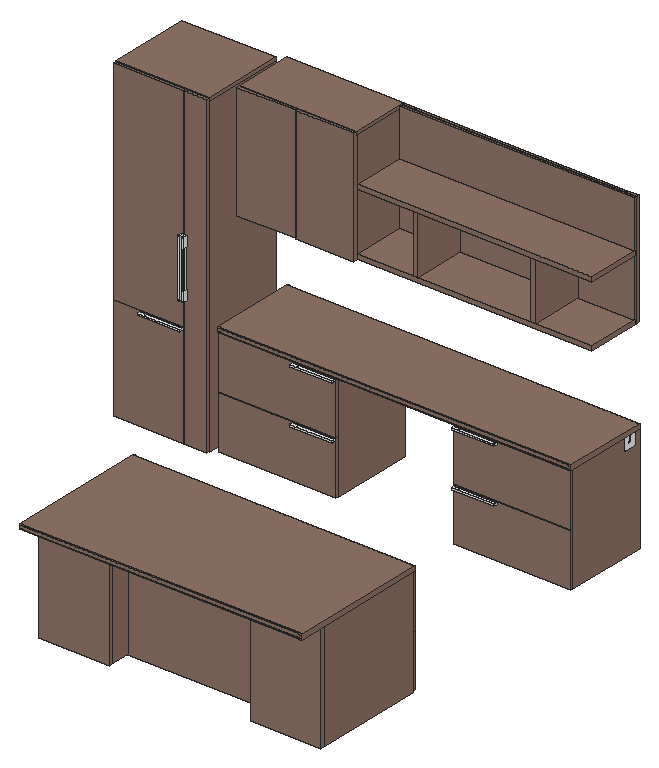
Revit family "FLV017", category Furniture, Revit 2019 (continued)
Definition of nested family "JSI-Flux-Wb_Pm_Ht"
  Definition of nested family "Bar Pull V"
    Forms (in)
      Extrusion 4, solid, material <- "Pull Finish", visible <- "Pull L"
        sketch origin (3.24213, 0, 3.24963) x (0, 0, -1) y (0, -1, 0)
          loop
            arc (-4.09412, 0.94488) -> (-4.16041, 0.91742) -> (-4.18787, 0.85113) r 0.09375
            line (-4.18787, 0.85113) -> (-4.18787, 0)
        from 0 to -0.11811
    Cuts and joins
      joined: Extrusion 1, Extrusion 2
      joined: Extrusion 3, Extrusion 4
    Dimensions and locks (in)
      "Pull Width": plane 4 to plane 5
      "Tuks Width": plane 4 to plane 6
      "Tuks Width": plane 7 to plane 5
      equal spacing: plane 4, plane 2, plane 5
      aligned and locked: level to plane 2
      aligned and locked: Extrusion 2 sketch curve to Extrusion 1  (x2)
      aligned and locked: Extrusion 4 sketch curve to Extrusion 3  (x2)
      aligned and locked: plane 4 to cut or joined group of Extrusion 1, Extrusion 2  (x3)
      aligned and locked: plane 4 to cut or joined group of Extrusion 3, Extrusion 4
      aligned and locked: cut or joined group of Extrusion 1, Extrusion 2 to plane 6
      aligned and locked: cut or joined group of Extrusion 3, Extrusion 4 to plane 6
      aligned and locked: plane 7 to cut or joined group of Extrusion 1, Extrusion 2
      aligned and locked: cut or joined group of Extrusion 1, Extrusion 2 to plane 5
      aligned and locked: cut or joined group of Extrusion 3, Extrusion 4 to plane 5
    Automatic sketch dimensions
      Extrusion 1 sketch curve to plane 4 = 0' - 0"
      Extrusion 1 sketch curve to plane 6 = 0' - 0"
      Extrusion 1 sketch curve to plane 1 "Center Front/Back" = 0' - 0"  (x2)
      Extrusion 1 sketch curve to plane 7 = 0' - 0"
      Extrusion 1 sketch curve to plane 5 = 0' - 0"
      Extrusion 1 sketch curve to Extrusion 1 sketch curve = 0' - 0 3/32"
      Extrusion 1 sketch curve to plane 6 = 0' - 0 1/8"
      plane 7 to Extrusion 1 sketch curve = 0' - 0 1/8"
      plane 5 to Extrusion 1 sketch curve = 0' - 0.07874"
      plane 1 "Center Front/Back" to Extrusion 1 sketch curve = 0' - 0.70177"
      Extrusion 1 sketch curve to Extrusion 1 sketch curve = 0' - 0.85113"
      Extrusion 2 sketch curve to plane 4 = 0' - 0"
      Extrusion 2 sketch curve to plane 5 = 0' - 0"
      Extrusion 2 sketch curve to Extrusion 2 sketch curve = 0' - 0 3/32"
      Extrusion 2 sketch curve to Extrusion 2 sketch curve = 0' - 0.07874"
      Extrusion 3 sketch curve to plane 4 = 0' - 0"
      Extrusion 3 sketch curve to plane 6 = 0' - 0"
      Extrusion 3 sketch curve to plane 1 "Center Front/Back" = 0' - 0"  (x2)
      Extrusion 3 sketch curve to plane 7 = 0' - 0"
      Extrusion 3 sketch curve to plane 5 = 0' - 0"
      Extrusion 3 sketch curve to plane 4 = 0' - 0 3/32"
      Extrusion 3 sketch curve to plane 6 = 0' - 0 1/8"
      plane 7 to Extrusion 3 sketch curve = 0' - 0 1/8"
      plane 5 to Extrusion 3 sketch curve = 0' - 0.07874"
      plane 1 "Center Front/Back" to Extrusion 3 sketch curve = 0' - 0.70177"
      Extrusion 3 sketch curve to Extrusion 3 sketch curve = 0' - 0.85113"
      Extrusion 4 sketch curve to plane 4 = 0' - 0"
      Extrusion 4 sketch curve to plane 5 = 0' - 0"
      Extrusion 4 sketch curve to plane 4 = 0' - 0 3/32"
      Extrusion 4 sketch curve to Extrusion 4 sketch curve = 0' - 0.07874"
  Definition of nested family "Label 1-16"
    Parameters
      Model Name = "BF - BF - BF"
    Reference planes (in)
      plane 1: y = 0
      plane 2: x = 0
    Text (in)
      label "XX" at (0.00051, -0.12324, 0), shows "Model Name"
Definition of nested family "JSI-Flux-Dbl_Ped_Dsk-Brk_Frnt-Mod-Ovhg_Top"
  Parameters (values of type "Dbl Ped Desk, Break Modesty-Type Catalog Family")
    Worksurface = none
    Width = 5' - 6"
    URL = "www.jsifurniture.com"
    Type Comments = ""
    Tag 2 = "BBF"  # constant formula
    Tag = "FF"  # constant formula
    Series = "FLUX"  # constant formula
    Pull = none
    Ped Width = if(Width < 6' 0", 1' 3", 1' 6")  # 1' - 3"
    Model = "FLT4284ED"
    Material = ""
    Manufacturer = "JSI"  # constant formula
    Keynote = "12500"
    JSI Enviromental Website = "http://www.jsifurniture.com/jsi_sustainability_intro.php"
    Height = 2' - 5"
    Glides = none
    Drawer Front = none
    Description = "Double Pedestal Desk with Break Front Modesty, Depth 42”, Width 84”, Height 29”, Laminate"
    Depth = 3' - 6"
    Chassis = none
    Assembly Code = "E2020200"
  Reference planes (in)
    plane 1: z = 0
    plane 2 "Center (Left/Right)": x = -36.06413
    plane 3: z = 29
    plane 4: z = 27.8125
    plane 5: y = -31.25
    plane 6 "Center (Front/Back)": y = 10.75
    plane 7: y = 9.875
    plane 8: x = -3.06413
    plane 9: x = -21.00163
    plane 10: x = 29.93587
    plane 11: x = -28.50163
    plane 12: x = -35.93913
    plane 13: y = 10.625
    plane 14: x = -36.00163
    plane 15: x = -36.03288
    plane 16: x = -21.75163
    plane 17: x = -35.25163
    plane 18: z = 0.3125
    plane 19: z = 27.0625
    plane 20: y = -31.1875
    plane 21: y = -30.4375
    plane 22: x = 29.90462
    plane 23: x = 29.87337
    plane 24: x = 29.12337
    plane 25: x = 14.87337
    plane 26: x = 22.37337
    plane 27: x = 15.62337
    plane 28: x = 29.81087
    plane 29: x = -21.06413
    plane 30: x = 14.93587
    plane 31: y = 3.89344
    plane 32: y = -1.1875
  Forms (in)
    Extrusion 1, solid, material <- "Chassis"
      sketch origin (0, 10.625, 0.3125) x (0, 1, 0) y (-1, 0, 0)
        loop
          line (-6.73156, 36.00163) -> (-41.0625, 36.00163) -> (-41.0625, 35.25163) -> (-6.73156, 35.25163) -> (-6.73156, 36.00163)
        loop
          line (-6.73156, -29.12337) -> (-41.0625, -29.12337) -> (-41.0625, -29.87337) -> (-6.73156, -29.87337) -> (-6.73156, -29.12337)
      from 0 to 27.5
    Extrusion 2, solid, material <- "Chassis"
      sketch origin (-21.75163, -24.37, 48) x (0, -1, 0) y (0, 0, 1)
        loop
          line (-28.26344, -47.6875) -> (6.0675, -47.6875) -> (6.0675, -20.1875) -> (-20.13844, -20.1875) -> (-20.13844, -22.6875)
          arc (-20.13844, -22.6875) -> (-20.21167, -22.86428) -> (-20.38844, -22.9375) r 0.25
          line (-20.38844, -22.9375) -> (-22.07594, -22.9375)
          arc (-22.07594, -22.9375) -> (-22.25272, -22.86428) -> (-22.32594, -22.6875) r 0.25
          line (-22.32594, -22.6875) -> (-22.32594, -20.1875) -> (-28.26344, -20.1875) -> (-28.26344, -47.6875)
      from 0 to -0.75
    Extrusion 3, solid, material <- "Chassis"
      sketch origin (15.62337, -24.37, 48) x (0, -1, 0) y (0, 0, -1)
        loop
          line (-28.26344, 47.6875) -> (-28.26344, 20.1875) -> (-22.32594, 20.1875) -> (-22.32594, 22.6875)
          arc (-22.32594, 22.6875) -> (-22.25272, 22.86428) -> (-22.07594, 22.9375) r 0.25
          line (-22.07594, 22.9375) -> (-20.38844, 22.9375)
          arc (-20.38844, 22.9375) -> (-20.21167, 22.86428) -> (-20.13844, 22.6875) r 0.25
          line (-20.13844, 22.6875) -> (-20.13844, 20.1875) -> (6.0675, 20.1875) -> (6.0675, 47.6875) -> (-28.26344, 47.6875)
      from 0 to -0.75
    Extrusion 4, solid, material <- "Chassis"
      sketch origin (-21.75163, -24.37, 48) x (0, -1, 0) y (0, 0, 1)
        loop
          line (-11.62, -20.1875) -> (-11.62, -20.9375) -> (-7.12, -20.9375) -> (-7.12, -20.1875) -> (-11.62, -20.1875)
        loop
          line (1.5675, -20.1875) -> (1.5675, -20.9375) -> (6.0675, -20.9375) -> (6.0675, -20.1875) -> (1.5675, -20.1875)
      from 0 to 13.5
    Extrusion 5, solid, material <- "Chassis"
      sketch origin (8.99837, -24.37, 48) x (0, -1, 0) y (0, 0, -1)
        loop
          line (-11.6825, 20.1875) -> (-7.1825, 20.1875) -> (-7.1825, 20.9375) -> (-11.6825, 20.9375) -> (-11.6825, 20.1875)
        loop
          line (1.53625, 20.1875) -> (6.0675, 20.1875) -> (6.0675, 20.9375) -> (1.53625, 20.9375) -> (1.53625, 20.1875)
      from 6.625 to 20.125
    Extrusion 6, solid, material <- "Chassis"
      sketch origin (29.12337, -180, 28.70342) x (0, 0, 1) y (0, -1, 0)
        loop
          line (-26.45342, -149.625) -> (-27.20342, -149.625) -> (-27.20342, -149.6875) -> (-28.39092, -149.6875) -> (-28.39092, -153.6875) -> (-27.20342, -153.6875) -> (-27.20342, -178.8125) -> (-26.45342, -178.8125) -> (-26.45342, -149.625)
      from -13.5 to 0
    Extrusion 7, solid, material <- "Glides"
      sketch origin (0, 0, 0) x (1, 0, 0) y (0, 1, 0)
        loop
          circle (-34.64386, 3.13586) r 0.5
        loop
          circle (-22.42191, 3.13586) r 0.5
        loop
          circle (-34.64386, -29.73914) r 0.5
        loop
          circle (-22.42191, -29.73914) r 0.5
      from 0 to 0.3125
    Extrusion 8, solid, material <- "Glides"
      sketch origin (-12.12827, 0, 0) x (-1, 0, 0) y (0, -1, 0)
        loop
          circle (-40.64386, -3.26086) r 0.5
        loop
          circle (-28.42191, -3.26086) r 0.5
        loop
          circle (-40.64386, 29.73914) r 0.5
        loop
          circle (-28.42191, 29.73914) r 0.5
      from 0 to 0.3125
    Extrusion 9, solid, material <- "Drawer Front"
      sketch origin (0, 0, 0) x (1, 0, 0) y (0, 0, 1)
        loop
          line (-35.93913, 14.125) -> (-21.06413, 14.125) -> (-21.06413, 27.6875) -> (-35.93913, 27.6875) -> (-35.93913, 14.125)
        loop
          line (-35.93913, 14) -> (-35.93913, 0.4375) -> (-21.06413, 0.4375) -> (-21.06413, 14) -> (-35.93913, 14)
      from 30.4375 to 31.1875
    Extrusion 10, solid, material <- "Drawer Front"
      sketch origin (0, 0, 0) x (1, 0, 0) y (0, 0, 1)
        loop
          line (14.93587, 27.6875) -> (14.93587, 20.96875) -> (29.81087, 20.96875) -> (29.81087, 27.6875) -> (14.93587, 27.6875)
        loop
          line (14.93587, 20.84375) -> (14.93587, 14.125) -> (29.81087, 14.125) -> (29.81087, 20.84375) -> (14.93587, 20.84375)
        loop
          line (14.93587, 14) -> (14.93587, 0.4375) -> (29.81087, 0.4375) -> (29.81087, 14) -> (14.93587, 14)
      from 30.4375 to 31.1875
    Extrusion 11, solid, material <- "Chassis"
      sketch origin (-35.25163, -180, 28.70342) x (0, 0, 1) y (0, 1, 0)
        loop
          line (-26.45342, 149.5625) -> (-26.45342, 178.8125) -> (-27.20342, 178.8125) -> (-27.20342, 153.6875) -> (-28.39092, 153.6875) -> (-28.39092, 149.6875) -> (-27.20342, 149.6875) -> (-27.20342, 149.5625) -> (-26.45342, 149.5625)
      from -13.5 to 0
    Extrusion 12, solid, material <- "Worksurface"
      sketch origin (-36.06413, 7.06592, 48) x (0, 1, 0) y (0, 0, 1)
        loop
          line (3.55908, -19) -> (-38.21939, -19)
          arc (-38.21939, -19) -> (-38.30733, -19.03643) -> (-38.34376, -19.12437) r 0.12437
          line (-38.34376, -19.12437) -> (-38.34376, -20.0625)
          arc (-38.34376, -20.0625) -> (-38.30715, -20.15089) -> (-38.21876, -20.1875) r 0.125
          line (-38.21876, -20.1875) -> (3.55908, -20.1875)
          arc (3.55908, -20.1875) -> (3.64747, -20.15089) -> (3.68408, -20.0625) r 0.125
          line (3.68408, -20.0625) -> (3.68408, -19.125)
          arc (3.68408, -19.125) -> (3.64747, -19.03661) -> (3.55908, -19) r 0.125
      from 0 to 66
    Extrusion 13, solid, material <- "Chassis"
      sketch origin (0, 0, 0) x (1, 0, 0) y (0, 1, 0)
        loop
          line (-21.00163, -1.08094) -> (-21.00163, -2.04406) -> (14.87337, -2.04406) -> (14.87337, -1.08094) -> (-21.00163, -1.08094)
        loop
          line (14.87337, 4.64344) -> (14.87337, 3.89344) -> (29.90462, 3.89344) -> (29.90462, 4.64344) -> (14.87337, 4.64344)
        loop
          line (-36.03288, 4.64344) -> (-36.03288, 3.89344) -> (-21.00163, 3.89344) -> (-21.00163, 4.64344) -> (-36.03288, 4.64344)
      from 0.3125 to 27.8125
  Lines and regions (in)
    symbolic lines, detail levels fine
      curve 1: line (-21.00163, 4.64344, 0) -> (-21.00163, -31.25, 0)
      curve 6: line (-21.00163, 4.64344, 0) -> (-36.03288, 4.64344, 0)
      curve 7: line (-36.03288, 3.89344, 0) -> (-21.75163, 3.89344, 0)
      curve 8: line (-21.75163, 3.89344, 0) -> (-21.75163, -31.1875, 0)
      curve 9: line (29.90462, 4.64344, 0) -> (14.87337, 4.64344, 0)
      curve 10: line (14.87337, 4.64344, 0) -> (14.87337, -30.4375, 0)
      curve 11: line (15.62337, -30.4375, 0) -> (15.62337, 3.89344, 0)
      curve 12: line (15.62337, 3.89344, 0) -> (29.90462, 3.89344, 0)
      curve 13: line (14.87337, -1.08094, 0) -> (-21.06413, -1.08094, 0)
      curve 14: line (-21.06413, -2.04406, 0) -> (14.87337, -2.04406, 0)
      curve 15: line (29.90462, 4.64344, 0) -> (29.90462, 3.89344, 0)
      curve 16: line (-36.03288, 4.64344, 0) -> (-36.03288, 3.89344, 0)
    symbolic lines
      curve 2: line (29.93587, 10.75, 0) -> (-36.06413, 10.75, 0)
      curve 3: line (-36.06413, 10.75, 0) -> (-36.06413, -31.25, 0)
      curve 4: line (-36.06413, -31.25, 0) -> (29.93587, -31.25, 0)
      curve 5: line (29.93587, -31.25, 0) -> (29.93587, 10.75, 0)
  Dimensions and locks (in)
    "Height": plane 3 to level
    locked: plane 3 to plane 4 at 1.1875
    "Depth": plane 6 "Center (Front/Back)" to plane 5
    "Width": plane 2 "Center (Left/Right)" to plane 10
    equal spacing: plane 2 "Center (Left/Right)", plane 8, plane 10
    locked: Extrusion 4 sketch curve to plane 21 at 4.5
    Extrusion 6 sketch curve to Extrusion 6 sketch curve to Extrusion 6 sketch curve to plane 5 = 2' - 1 1/8", 0' - 4" locked, 0' - 0 15/16" locked
    locked: Extrusion 6 sketch curve to Extrusion 6 sketch curve at 0.75
    locked: plane 2 "Center (Left/Right)" to Extrusion 7 sketch curve at 1.42028  (x2)
    locked: Extrusion 7 sketch curve to plane 9 at 1.42028  (x2)
    locked: Extrusion 7 sketch curve to plane 20 at 1.44836  (x2)
    locked: Extrusion 7 sketch curve to plane 6 "Center (Front/Back)" at 7.61414  (x2)
    plane 3 to Extrusion 9 sketch curve to Extrusion 9 sketch curve to Extrusion 9 sketch curve = 0' - 1 5/16" locked, 1' - 1 9/16" locked, 0' - 0 1/8" locked
    locked: Extrusion 9 sketch curve to level at 0.4375
    plane 3 to Extrusion 10 sketch curve to Extrusion 10 sketch curve to Extrusion 10 sketch curve to Extrusion 10 sketch curve = 0' - 1 5/16" locked, 0' - 6 23/32" locked, 0' - 0 1/8" locked, 0' - 6 23/32" locked
    Extrusion 10 sketch curve to Extrusion 10 sketch curve to plane 18 = 1' - 1 9/16" locked, 0' - 0 1/8" locked
    plane 3 to nested 3 = 0' - 1.50443"
    locked: plane 3 to nested 4 at 15.21654
    locked: plane 3 to nested 5 at 1.50935
    plane 3 to nested 7 to nested 6 = 0' - 8.3531" locked, 0' - 6.86344" locked
    plane 21 to plane 20 to plane 5 = 0' - 0 3/4" locked, 0' - 0 1/16" locked
    locked: plane 31 to plane 7 at 5.98156
    locked: plane 7 to Extrusion 1 at 5.98156
    locked: Extrusion 2 to Extrusion 2 at 2.1875
    locked: plane 19 to Extrusion 2 at 2
    locked: Extrusion 4 sketch curve to plane 21 at 13.1875
    locked: plane 21 to Extrusion 4 at 4.5
    locked: plane 21 to Extrusion 5 sketch curve at 13.25
    locked: Extrusion 5 sketch curve to Extrusion 5 sketch curve at 4.5
    locked: Extrusion 4 sketch curve to Extrusion 4 sketch curve at 4.5
    locked: plane 7 to plane 32 at 11.0625
    Extrusion 11 sketch curve to Extrusion 11 sketch curve to Extrusion 11 sketch curve = 0' - 4" locked, 2' - 1 1/8"
    locked: Extrusion 11 sketch curve to Extrusion 11 sketch curve at 0.75
    locked: Extrusion 11 to plane 21 at 0.125
    locked: plane 5 to Extrusion 12 sketch curve at 0.02784
    locked: plane 32 to Extrusion 13 sketch curve at 0.10656
    locked: Extrusion 13 sketch curve to plane 32 at 0.85656
    plane 32 to Extrusion 13 sketch curve to Extrusion 13 sketch curve = 0' - 5.08094" locked, 0' - 0 3/4" locked  (x2)
    locked: plane 14 to plane 17 at 0.75
    locked: plane 14 to plane 12 at 0.0625
    plane 2 "Center (Left/Right)" to plane 15 to plane 14 = 0' - 0 1/32" locked, 0' - 0 1/32" locked
    locked: plane 16 to plane 9 at 0.75
    locked: plane 29 to plane 9 at 0.0625
    equal spacing: plane 17, plane 11, plane 16
    "Ped Width": plane 14 to plane 9
    locked: plane 25 to plane 27 at 0.75
    locked: plane 24 to plane 23 at 0.75
    plane 23 to plane 22 to plane 10 = 0' - 0 1/32", 0' - 0 1/32" locked
    locked: plane 28 to plane 23 at 0.0625
    locked: plane 25 to plane 30 at 0.0625
    equal spacing: plane 27, plane 26, plane 24
    "Ped Width": plane 25 to plane 23
    aligned and locked: level to plane 1
    aligned and locked: nested 2 to plane 11
    aligned and locked: nested 2 to plane 5
    aligned and locked: nested 1 to plane 5
    aligned and locked: Extrusion 1 sketch curve to plane 14
    aligned and locked: plane 17 to Extrusion 1 sketch curve
    aligned and locked: plane 21 to Extrusion 1 sketch curve  (x2)
    aligned and locked: plane 24 to Extrusion 1 sketch curve
    aligned and locked: Extrusion 1 sketch curve to plane 23
    aligned and locked: Extrusion 1 to plane 18
    aligned and locked: plane 4 to Extrusion 1
    aligned and locked: plane 4 to Extrusion 2 sketch curve
    aligned and locked: Extrusion 2 sketch curve to plane 18
    aligned and locked: Extrusion 2 sketch curve to plane 21
    aligned and locked: plane 16 to Extrusion 2
    aligned and locked: Extrusion 2 to plane 9
    aligned and locked: plane 21 to Extrusion 3 sketch curve
    aligned and locked: Extrusion 3 sketch curve to plane 4
    aligned and locked: plane 18 to Extrusion 3 sketch curve
    aligned and locked: plane 19 to Extrusion 4 sketch curve  (x2)
    aligned and locked: Extrusion 4 sketch curve to plane 4  (x2)
    aligned and locked: plane 21 to Extrusion 4 sketch curve
    aligned and locked: plane 17 to Extrusion 4
    aligned and locked: Extrusion 4 to plane 16
    aligned and locked: Extrusion 5 to plane 27
    aligned and locked: plane 24 to Extrusion 5
    aligned and locked: plane 4 to Extrusion 5 sketch curve  (x2)
    aligned and locked: Extrusion 5 sketch curve to plane 19  (x2)
    aligned and locked: plane 18 to Extrusion 6 sketch curve
    aligned and locked: Extrusion 7 to level
    aligned and locked: Extrusion 7 to plane 18
    aligned and locked: Extrusion 8 to plane 18
    aligned and locked: Extrusion 8 to level
    aligned and locked: plane 26 to nested 1
    aligned and locked: plane 12 to Extrusion 9 sketch curve
    aligned and locked: Extrusion 9 sketch curve to plane 12
    aligned and locked: Extrusion 9 sketch curve to plane 29
    aligned and locked: plane 29 to Extrusion 9 sketch curve
    aligned and locked: Extrusion 9 to plane 20
    aligned and locked: plane 21 to Extrusion 9
    aligned and locked: Extrusion 10 sketch curve to plane 30  (x3)
    aligned and locked: Extrusion 10 sketch curve to plane 28  (x3)
    aligned and locked: Extrusion 10 to plane 20
    aligned and locked: plane 21 to Extrusion 10
    aligned and locked: nested 3 to plane 20
    aligned and locked: plane 20 to nested 5
    aligned and locked: plane 20 to nested 7
    aligned and locked: nested 4 to plane 20
    aligned and locked: plane 20 to nested 6
    aligned and locked: plane 31 to Extrusion 1 sketch curve  (x2)
    aligned and locked: Extrusion 2 sketch curve to Extrusion 3
    aligned and locked: Extrusion 2 to Extrusion 3
    aligned and locked: Extrusion 3 to Extrusion 2  (x2)
    aligned and locked: Extrusion 5 sketch curve to plane 21
    aligned and locked: Extrusion 6 to plane 32
    aligned and locked: plane 17 to Extrusion 11
    aligned and locked: Extrusion 11 to plane 16
    aligned and locked: Extrusion 11 sketch curve to plane 21
    aligned and locked: Extrusion 11 to plane 32
    aligned and locked: plane 3 to Extrusion 12 sketch curve
    aligned and locked: plane 4 to Extrusion 12 sketch curve
    aligned and locked: plane 10 to Extrusion 12
    aligned and locked: plane 4 to Extrusion 13
    aligned and locked: plane 25 to Extrusion 13 sketch curve
    aligned and locked: curve 1 to Extrusion 13 sketch curve
    aligned and locked: Extrusion 12 to curve 2
    aligned and locked: Extrusion 12 to curve 5
    aligned and locked: curve 4 to plane 5
    aligned and locked: curve 9 to Extrusion 13
    aligned and locked: curve 10 to Extrusion 3
    aligned and locked: curve 11 to Extrusion 3
    aligned and locked: Extrusion 13 to curve 12
    aligned and locked: Extrusion 13 to curve 13
    aligned and locked: curve 14 to Extrusion 13
    aligned and locked: plane 25 to curve 13
    aligned and locked: plane 25 to curve 14
    aligned and locked: Extrusion 6 to plane 27
    aligned and locked: nested 3 to plane 19
    aligned and locked: Extrusion 12 to plane 6 "Center (Front/Back)"
    aligned and locked: Extrusion 13 to plane 18
    aligned and locked: plane 29 to nested 3
    aligned and locked: plane 29 to nested 4
    aligned and locked: plane 30 to nested 5
    aligned and locked: plane 30 to nested 7
    aligned and locked: plane 30 to nested 6
    aligned and locked: Extrusion 13 sketch curve to plane 15
    aligned and locked: plane 9 to Extrusion 13 sketch curve
    aligned and locked: Extrusion 13 sketch curve to plane 25
    aligned and locked: Extrusion 13 sketch curve to plane 22
    aligned and locked: curve 15 to Extrusion 13
    aligned and locked: Extrusion 12 to plane 2 "Center (Left/Right)"
    aligned and locked: curve 3 to plane 2 "Center (Left/Right)"
    aligned and locked: curve 16 to Extrusion 13
  Automatic sketch dimensions
    Extrusion 2 sketch curve to plane 4 = 0' - 0"
    plane 32 to Extrusion 2 sketch curve = 0' - 0.85656"
    Extrusion 2 sketch curve to Extrusion 2 sketch curve = 0' - 0 1/4"  (x2)
    Extrusion 2 sketch curve to Extrusion 2 sketch curve = 0' - 1 11/16"
    Extrusion 2 sketch curve to plane 19 = 0' - 2"
    Extrusion 3 sketch curve to plane 4 = 0' - 0"
    Extrusion 3 sketch curve to plane 32 = 0' - 3.04406"
    Extrusion 3 sketch curve to Extrusion 3 sketch curve = 0' - 0 1/4"  (x2)
    Extrusion 3 sketch curve to plane 32 = 0' - 1.10656"
    plane 32 to Extrusion 3 sketch curve = 0' - 5.08094"
    plane 19 to Extrusion 3 sketch curve = 0' - 2"
    Extrusion 5 sketch curve to Extrusion 5 sketch curve = 0' - 4 17/32"
    plane 18 to Extrusion 6 sketch curve = 0' - 1 3/16"
    plane 21 to Extrusion 6 sketch curve = 0' - 0 1/16"
    Extrusion 6 sketch curve to Extrusion 6 sketch curve = 0' - 0 3/4"
    plane 24 to Extrusion 8 sketch curve = 0' - 0.60778"  (x2)
    Extrusion 8 sketch curve to plane 27 = 0' - 0.67028"  (x2)
    Extrusion 8 sketch curve to plane 21 = 0' - 0.69836"  (x2)
    plane 32 to Extrusion 8 sketch curve = 0' - 4.44836"  (x2)
    Extrusion 11 sketch curve to plane 18 = 0' - 0"
    Extrusion 11 sketch curve to plane 32 = 0' - 0"
    plane 18 to Extrusion 11 sketch curve = 0' - 1 3/16"
    Extrusion 11 sketch curve to Extrusion 11 sketch curve = 0' - 0 3/4"
    Extrusion 12 sketch curve to plane 13 = 0' - 0"
    Extrusion 12 sketch curve to plane 6 "Center (Front/Back)" = 0' - 0"
    plane 20 to Extrusion 12 sketch curve = 0' - 0.03402"
    plane 20 to Extrusion 12 sketch curve = 0' - 0.03466"
    plane 13 to Extrusion 12 sketch curve = 0' - 0"
    Extrusion 13 sketch curve to plane 25 = 0' - 0"
    curve 7 to plane 15 = 0' - 0"
    curve 8 to plane 16 = 0' - 0"
    curve 14 to plane 29 = 0' - 0"
    curve 13 to plane 29 = 0' - 0"
    curve 1 to plane 9 = 0' - 0"
    curve 11 to plane 21 = 0' - 0"
    curve 11 to plane 27 = 0' - 0"
    curve 15 to plane 22 = 0' - 0"
    curve 5 to plane 10 = 0' - 0"
    curve 8 to plane 20 = 0' - 0"
    curve 10 to plane 21 = 0' - 0"
    plane 6 "Center (Front/Back)" to curve 2 = 0' - 0"
    curve 7 to plane 32 = 0' - 5.08094"
    curve 12 to plane 32 = 0' - 5.08094"
    curve 12 to curve 9 = 0' - 0 3/4"
    curve 7 to curve 6 = 0' - 0 3/4"
    plane 32 to curve 14 = 0' - 0.85656"
    curve 13 to plane 32 = 0' - 0.10656"
    radius of Extrusion 7 sketch curve = 0' - 0 1/2"  (x4)
    radius of Extrusion 8 sketch curve = 0' - 0 1/2"  (x4)
  Nested families (in)
    nested 1: "Label 1-16" at (22.37337, -31.25, 0), type "DRWCFG 2"
    nested 2: "Label 1-16" at (-28.50163, -31.25, 0), type "DRWCFG"
    nested 3: "Bar Pull" at (-28.74108, -31.1875, 27.49557), Pull Finish <- "Pull", type "PL"
      with Pull Finish none
    nested 4: "Bar Pull" at (-28.74108, -31.1875, 13.78346), Pull Finish <- "Pull", type "PL"
      with Pull Finish none
    nested 5: "Bar Pull" at (22.61281, -31.1875, 27.49065) x (-1, 0, 0) z (0, 0, 1), Pull Finish <- "Pull", type "PL"
      with Pull Finish none
    nested 6: "Bar Pull" at (22.61281, -31.1875, 13.78346) x (-1, 0, 0) z (0, 0, 1), Pull Finish <- "Pull", type "PL"
      with Pull Finish none
    nested 7: "Bar Pull" at (22.61281, -31.1875, 20.6469) x (-1, 0, 0) z (0, 0, 1), Pull Finish <- "Pull", type "PL"
      with Pull Finish none
  Definition of nested family "Bar Pull"
    Parameters
      Pull Finish [instance] = none
    Reference planes (in)
      plane 1 "Center Front/Back": y = 0
      plane 2: z = 0
      plane 3 "Center Left/Right": x = 0
    Forms (in)
      Extrusion 1, solid, material <- "Pull Finish"
        sketch origin (0, 0, 0) x (1, 0, 0) y (0, 1, 0)
          loop
            line (-1.18701, 0) -> (-1.18701, -0.85113)
            arc (-1.18701, -0.85113) -> (-1.15955, -0.91742) -> (-1.09326, -0.94488) r 0.09375
            line (-1.09326, -0.94488) -> (7.59252, -0.94488)
            arc (7.59252, -0.94488) -> (7.6482, -0.92182) -> (7.67126, -0.86614) r 0.07874
            line (7.67126, -0.86614) -> (7.67126, 0) -> (6.37205, 0) -> (6.37205, -0.70177)
            arc (6.37205, -0.70177) -> (6.33544, -0.79016) -> (6.24705, -0.82677) r 0.125
            line (6.24705, -0.82677) -> (0.2372, -0.82677)
            arc (0.2372, -0.82677) -> (0.14882, -0.79016) -> (0.1122, -0.70177) r 0.125
            line (0.1122, -0.70177) -> (0.1122, 0) -> (-1.18701, 0)
        from -0.43307 to -0.11811
      Extrusion 2, solid, material <- "Pull Finish"
        sketch origin (0, 0, 0) x (1, 0, 0) y (0, 1, 0)
          loop
            line (-1.18701, 0) -> (-1.18701, -0.85113)
            arc (-1.18701, -0.85113) -> (-1.15955, -0.91742) -> (-1.09326, -0.94488) r 0.09375
            line (-1.09326, -0.94488) -> (7.59252, -0.94488)
            arc (7.59252, -0.94488) -> (7.6482, -0.92182) -> (7.67126, -0.86614) r 0.07874
            line (7.67126, -0.86614) -> (7.67126, 0) -> (-1.18701, 0)
        from 0 to -0.11811
    Cuts and joins
      joined: Extrusion 1, Extrusion 2
    Lines and regions (in)
      symbolic lines
        curve 1: line (-1.18701, 0, 0) -> (7.67695, 0, 0)
        curve 2: line (-1.18701, -0.84225, 0) -> (-1.18701, 0, 0)
        curve 3: line (7.60168, -0.94427, 0) -> (-1.08499, -0.94427, 0)
        curve 4: line (7.67695, 0, 0) -> (7.67695, -0.869, 0)
        curve 5: arc (7.67695, -0.869, 0) -> (7.6549, -0.92222, 0) -> (7.60168, -0.94427, 0) r 0.07527
        curve 6: arc (-1.08499, -0.94427, 0) -> (-1.15713, -0.91439, 0) -> (-1.18701, -0.84225, 0) r 0.10202
    Dimensions and locks (in)
      aligned and locked: level to plane 2
      aligned and locked: Extrusion 2 sketch curve to Extrusion 1  (x6)
  Definition of nested family "Label 1-16"
    Parameters
      Width = 0' - 1"
      Model Name = "BBF"
    Reference planes (in)
      plane 1: y = 0
      plane 2: x = 0
    Text (in)
      label "XX" at (0.00051, -0.12324, 0), shows "Model Name"
